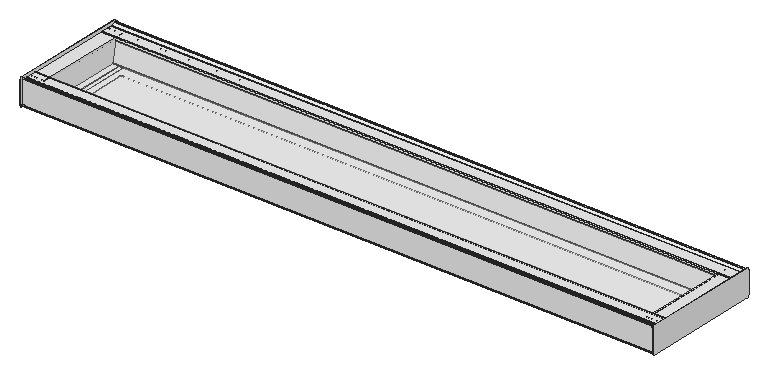
Revit family "ALRM-Intellect", category Lighting Fixtures, host Ceiling, Revit 2019
Family settings
  Host = Ceiling
  Round Connector Dimension = Use Diameter
  Part Type = Normal
  OmniClass Number = 23.80.70.11.14.17
  OmniClass Title = Direct/Indirect
  Always vertical = Yes
  Cut with Voids When Loaded = No
  Light Source = Yes
  Shared = No
  Room Calculation Point = No
Parameters (values of type "ALRM48-LED840K032LUNV-C91V99(LV01)")
  Width = 0' - 9"
  Wattage = 24 W
  built-in parameter 1150110 = 1 (stored number, unit not read)
  Voltage = 120 V
  URL = "https://www.viscor.com/en/products/alrm-intellect"
  built-in parameter 1114217 = 0.9 (stored number, unit not read)
  Tilt Angle = 180.00°  # constant formula
  built-in parameter 1150109 = 1 (stored number, unit not read)
  built-in parameter 1150134 = 12
  built-in parameter 1150113 = 1 (stored number, unit not read)
  Photometric Web File = "ALRM48-LED840K032LUNV-C91V99(LV01).IES"
  Model = "ALRM-Intellect"  # constant formula
  Manufacturer = "VISIONEERING by VISCOR"  # constant formula
  Lumens = 3240 lm
  built-in parameter 1150115 = 1 (stored number, unit not read)
  built-in parameter 1150105 = 257.83 (stored number, unit not read)
  built-in parameter 1150137 = (empty or 0)
  built-in parameter 1150139 = (empty or 0)
  Lens Finish Top = Acrylic - Viscor - Clear
  Lens Finish Bottom = Acrylic - Viscor - Frosted
  Length = 4' - 0"
  Lamp Wattage = 24 VA
  built-in parameter 1150112 = 1 (stored number, unit not read)
  built-in parameter 1150114 = 1 (stored number, unit not read)
  Lamp = "LED"  # constant formula
  built-in parameter 1150132 = (empty or 0)
  built-in parameter 1150102 = (empty or 0)
  built-in parameter 1150138 = (empty or 0)
  built-in parameter 1150107 = 4000 (stored number, unit not read)
  built-in parameter 1150106 = 2.5783 (stored number, unit not read)
  Housing Finish = Metal - Viscor - White
  Emit from Line Length = Length  # 4' - 0"
  built-in parameter 1150104 = 12.542 (stored number, unit not read)
  Dimming Lamp Color Temperature Shift = <None>
  Description = "Intellect Enabled LED ALLURA Linear Pendant Type M"  # constant formula
  Color Filter = 16777215
  built-in parameter 1114218 = 1 (stored number, unit not read)
  built-in parameter 1150133 = 10 (stored number, unit not read)
  Assembly Code = "D5020200"
  Apparent Load = Lamp Wattage  # 24 VA
Types (7): name | Wattage | Photometric Web File | Lumens | built-in parameter 1150105 | Length | Lamp Wattage | built-in parameter 1150106 | Emit from Line Length | built-in parameter 1150104 | Apparent Load
  (no name) | 24 W | "ALRM48-LED840K032LUNV-C91V99(LV01).IES" | 3240 lm | 257.83 (stored number, unit not read) | 4' - 0" | 24 VA | 2.5783 (stored number, unit not read) | 4' - 0" | 12.542 (stored number, unit not read) | 24 VA
  ALRM48-LED840K032LUNV-C91V99(LV01) | 24 W | "ALRM48-LED840K032LUNV-C91V99(LV01).IES" | 3240 lm | 257.83 (stored number, unit not read) | 4' - 0" | 24 VA | 2.5783 (stored number, unit not read) | 4' - 0" | 12.542 (stored number, unit not read) | 24 VA
  ALRM96-LED840K064LUNV-C91V99(LV01) | 43 W | "ALRM96-LED840K064LUNV-C91V99(LV01).ies" | 5848 lm | 465.37 (stored number, unit not read) | 8' - 0" | 43 VA | 4.6537 (stored number, unit not read) | 8' - 0" | 12.635 (stored number, unit not read) | 43 VA
  ALRM48-LED840K052LUNV-C91V99(LV01) | 39 W | "ALRM48-LED840K052LUNV-C91V99(LV01).IES" | 5265 lm | 418.98 (stored number, unit not read) | 4' - 0" | 39 VA | 4.1898 (stored number, unit not read) | 4' - 0" | 12.542 (stored number, unit not read) | 39 VA
  ALRM48-LED840K060LUNV-C91V99(LV01) | 45 W | "ALRM48-LED840K060LUNV-C91V99(LV01).IES" | 6030 lm | 479.85 (stored number, unit not read) | 4' - 0" | 45 VA | 4.7985 (stored number, unit not read) | 4' - 0" | 12.449 (stored number, unit not read) | 45 VA
  ALRM96-LED840K105LUNV-C91V99(LV01) | 77 W | "ALRM96-LED840K105LUNV-C91V99(LV01).ies" | 10395 lm | 827.21 (stored number, unit not read) | 8' - 0" | 77 VA | 8.2721 (stored number, unit not read) | 8' - 0" | 12.542 (stored number, unit not read) | 77 VA
  ALRM96-LED840K120LUNV-C91V99(LV01) | 90 W | "ALRM96-LED840K120LUNV-C91V99(LV01).ies" | 12060 lm | 959.7 (stored number, unit not read) | 8' - 0" | 90 VA | 9.597 (stored number, unit not read) | 8' - 0" | 12.449 (stored number, unit not read) | 90 VA
Reference planes (in)
  plane 1 "Light Source Axis (F/B)": y = 0
  plane 2 "Ceiling": z = 96
  plane 3 "Light Source Axis (L/R)": x = 0
  plane 4 "Light Source Elevation": z = 67.875
  plane 5: x = -24
  plane 6: x = 24
  plane 7: y = 4.5
  plane 8: y = -4.5
  plane 9: x = -23.96875
  plane 10: x = 23.96875
  plane 11: x = -22.85
  plane 12: x = 22.85
  plane 13: x = -22
  plane 14: x = 22
Forms (in)
  Extrusion 1, solid, material "Metal - Viscor - White" <- "Housing Finish"
    sketch origin (0, 0, 0) x (0, 1, 0) y (0, 0, 1)
      loop
        line (4.37, 69.875) -> (-4.37, 69.875)
        arc (-4.37, 69.875) -> (-4.46192, 69.83692) -> (-4.5, 69.745) r 0.13
        line (-4.5, 69.745) -> (-4.5, 68.005)
        arc (-4.5, 68.005) -> (-4.46192, 67.91308) -> (-4.37, 67.875) r 0.13
        line (-4.37, 67.875) -> (4.37, 67.875)
        arc (4.37, 67.875) -> (4.46192, 67.91308) -> (4.5, 68.005) r 0.13
        line (4.5, 68.005) -> (4.5, 69.745)
        arc (4.5, 69.745) -> (4.46192, 69.83692) -> (4.37, 69.875) r 0.13
    from 23.96875 to 24
  Extrusion 2, solid, material "Metal - Viscor - White" <- "Housing Finish"
    sketch origin (0, 0, 0) x (0, 1, 0) y (0, 0, -1)
      loop
        arc (4.37, -69.875) -> (4.46192, -69.83692) -> (4.5, -69.745) r 0.13
        line (4.5, -69.745) -> (4.5, -68.005)
        arc (4.5, -68.005) -> (4.46192, -67.91308) -> (4.37, -67.875) r 0.13
        line (4.37, -67.875) -> (-4.37, -67.875)
        arc (-4.37, -67.875) -> (-4.46192, -67.91308) -> (-4.5, -68.005) r 0.13
        line (-4.5, -68.005) -> (-4.5, -69.745)
        arc (-4.5, -69.745) -> (-4.46192, -69.83692) -> (-4.37, -69.875) r 0.13
        line (-4.37, -69.875) -> (4.37, -69.875)
    from 23.96875 to 24
  Extrusion 3, solid, material "Metal - Viscor - White" <- "Housing Finish"
    sketch origin (0, 0, 0) x (0, 1, 0) y (0, 0, 1)
      loop
        line (4.06954, 69.68042) -> (3.66354, 69.68042) -> (3.66354, 69.64917) -> (4.07647, 69.64917) -> (4.35255, 69.7779)
        arc (4.35255, 69.7779) -> (4.38878, 69.77553) -> (4.40625, 69.74369) r 0.03775
        line (4.40625, 69.74369) -> (4.40625, 68.007)
        arc (4.40625, 68.007) -> (4.39519, 67.98031) -> (4.3685, 67.96925) r 0.03775
        line (4.3685, 67.96925) -> (-4.3685, 67.96925)
        arc (-4.3685, 67.96925) -> (-4.39519, 67.98031) -> (-4.40625, 68.007) r 0.03775
        line (-4.40625, 68.007) -> (-4.40625, 69.74369)
        arc (-4.40625, 69.74369) -> (-4.38878, 69.77553) -> (-4.35255, 69.7779) r 0.03775
        line (-4.35255, 69.7779) -> (-4.07647, 69.64917) -> (-3.66354, 69.64917) -> (-3.66354, 69.68042) -> (-4.06954, 69.68042) -> (-4.33934, 69.80623)
        arc (-4.33934, 69.80623) -> (-4.40557, 69.80189) -> (-4.4375, 69.74369) r 0.069
        line (-4.4375, 69.74369) -> (-4.4375, 68.007)
        arc (-4.4375, 68.007) -> (-4.41729, 67.95821) -> (-4.3685, 67.938) r 0.069
        line (-4.3685, 67.938) -> (4.3685, 67.938)
        arc (4.3685, 67.938) -> (4.41729, 67.95821) -> (4.4375, 68.007) r 0.069
        line (4.4375, 68.007) -> (4.4375, 69.74369)
        arc (4.4375, 69.74369) -> (4.40557, 69.80189) -> (4.33934, 69.80623) r 0.069
        line (4.33934, 69.80623) -> (4.06954, 69.68042)
    from -23.96875 to 23.96875
  Extrusion 4, solid, material "Metal - Viscor - White" <- "Housing Finish"
    sketch origin (0, 0, 0) x (0, 1, 0) y (0, 0, 1)
      loop
        line (3.9735, 69.71042) -> (3.1307, 69.71042) -> (3.08719, 69.67846) -> (2.80911, 68.1014)
        arc (2.80911, 68.1014) -> (2.82421, 68.04506) -> (2.87707, 68.02042) r 0.069
        line (2.87707, 68.02042) -> (3.05759, 68.02042) -> (3.05759, 68.05167) -> (2.87707, 68.05167)
        arc (2.87707, 68.05167) -> (2.84815, 68.06515) -> (2.83989, 68.09597) r 0.03775
        line (2.83989, 68.09597) -> (3.11579, 69.66069) -> (3.14094, 69.67917) -> (3.9735, 69.67917) -> (3.9735, 69.71042)
    from -23.96875 to 23.96875
  Extrusion 5, solid, material "Metal - Viscor - White" <- "Housing Finish"
    sketch origin (0, 0, 0) x (0, -1, 0) y (0, 0, -1)
      loop
        line (3.9735, -69.71042) -> (3.9735, -69.67917) -> (3.14094, -69.67917) -> (3.11579, -69.66069) -> (2.83989, -68.09597)
        arc (2.83989, -68.09597) -> (2.84815, -68.06515) -> (2.87707, -68.05167) r 0.03775
        line (2.87707, -68.05167) -> (3.05759, -68.05167) -> (3.05759, -68.02042) -> (2.87707, -68.02042)
        arc (2.87707, -68.02042) -> (2.82421, -68.04506) -> (2.80911, -68.1014) r 0.069
        line (2.80911, -68.1014) -> (3.08719, -69.67846) -> (3.1307, -69.71042) -> (3.9735, -69.71042)
    from -23.96875 to 23.96875
  Extrusion 6, solid, material "Acrylic - Viscor - Clear" <- "Lens Finish Top"
    sketch origin (0, 0, 0) x (0, 1, 0) y (0, 0, 1)
      loop
        line (3.031, 69.48276) -> (3.031, 69.56276) -> (-3.031, 69.56276) -> (-3.031, 69.48276) -> (3.031, 69.48276)
    from -22.85 to 22.85
  Extrusion 7, solid, material "Acrylic - Viscor - Frosted" <- "Lens Finish Bottom"
    sketch origin (0, 0, 0) x (0, 1, 0) y (0, 0, 1)
      loop
        line (3.14, 68.008) -> (-3.14, 68.008) -> (-3.14, 67.968) -> (3.14, 67.968) -> (3.14, 68.008)
    from -22 to 22
  Extrusion 8, void
    sketch origin (0, 0, 67.875) x (0, -1, 0) y (1, 0, 0)
      loop
        line (2.0625, -21.59375) -> (2.0625, 21.59375) -> (-2.0625, 21.59375) -> (-2.0625, -21.59375) -> (2.0625, -21.59375)
    from -0.04829 to 0.07663
  Extrusion 9, solid, material "Metal - Viscor - White" <- "Housing Finish"
    sketch origin (0, 0, 0) x (1, 0, 0) y (0, 0, 1)
      loop
        line (-23.96875, 69.68042) -> (-23.96875, 69.64917) -> (-22.88125, 69.64917) -> (-22.88125, 67.9874) -> (-22.35, 67.9874) -> (-22.35, 68.01865) -> (-22.85, 68.01865) -> (-22.85, 69.68042) -> (-23.96875, 69.68042)
    from -3.66354 to 3.66354
  Extrusion 10, solid, material "Metal - Viscor - White" <- "Housing Finish"
    sketch origin (0, 0, 0) x (-1, 0, 0) y (0, 0, -1)
      loop
        line (-23.96875, -69.68042) -> (-22.85, -69.68042) -> (-22.85, -68.01865) -> (-22.35, -68.01865) -> (-22.35, -67.9874) -> (-22.88125, -67.9874) -> (-22.88125, -69.64917) -> (-23.96875, -69.64917) -> (-23.96875, -69.68042)
    from -3.66354 to 3.66354
Cuts and joins
  Extrusion 8 cuts Extrusion 3
Dimensions and locks (in)
  equal spacing: host sketch curve, plane 3 "Light Source Axis (L/R)", host sketch curve
  equal spacing: host sketch curve, plane 1 "Light Source Axis (F/B)", host sketch curve
  host sketch curve to host sketch curve = 10' - 0"  (x2)
  equal spacing: plane 5, plane 3 "Light Source Axis (L/R)", plane 6
  "Length": plane 5 to plane 6
  equal spacing: plane 7, plane 1 "Light Source Axis (F/B)", plane 8
  "Width": plane 7 to plane 8
  plane 5 to plane 3 "Light Source Axis (L/R)" = 2' - 0"
  plane 7 to plane 1 "Light Source Axis (F/B)" = 0' - 4 1/2"
  plane 6 to plane 3 "Light Source Axis (L/R)" = 2' - 0"
  locked: plane 9 to plane 5 at 0.03125
  locked: plane 10 to plane 6 at 0.03125
  plane 4 "Light Source Elevation" to host ceiling = 2' - 3 5/8"
  locked: plane 5 to plane 11 at 1.15
  locked: plane 12 to plane 6 at 1.15
  locked: plane 5 to plane 13 at 2
  locked: plane 14 to plane 6 at 2
  aligned and locked: plane 3 "Light Source Axis (L/R)" to imposter light
  aligned and locked: plane 1 "Light Source Axis (F/B)" to imposter light
  aligned and locked: plane 4 "Light Source Elevation" to imposter light
  aligned and locked: plane 6 to Extrusion 1
  aligned and locked: Extrusion 1 to plane 10
  aligned and locked: Extrusion 2 to plane 5
  aligned and locked: plane 9 to Extrusion 2
  aligned and locked: Extrusion 3 to plane 10
  aligned and locked: Extrusion 3 to plane 9
  aligned and locked: Extrusion 4 to plane 9
  aligned and locked: plane 10 to Extrusion 4
  aligned and locked: Extrusion 5 to plane 9
  aligned and locked: plane 10 to Extrusion 5
  aligned and locked: Extrusion 6 to plane 11
  aligned and locked: plane 12 to Extrusion 6
  aligned and locked: Extrusion 7 to plane 13
  aligned and locked: plane 14 to Extrusion 7
  aligned and locked: Extrusion 9 to cut or joined group of Extrusion 3, Extrusion 8  (x2)
Automatic sketch dimensions
  Extrusion 1 sketch curve to plane 8 = 0' - 0"
  plane 4 "Light Source Elevation" to Extrusion 1 sketch curve = 0' - 0"
  Extrusion 1 sketch curve to plane 7 = 0' - 0"
  Extrusion 1 sketch curve to plane 4 "Light Source Elevation" = 0' - 0.13"
  plane 8 to Extrusion 1 sketch curve = 0' - 0.13"
  Extrusion 1 sketch curve to plane 7 = 0' - 0.13"  (x2)
  Extrusion 1 sketch curve to Extrusion 1 sketch curve = 0' - 1.74"
  Extrusion 2 sketch curve to plane 8 = 0' - 0"
  plane 4 "Light Source Elevation" to Extrusion 2 sketch curve = 0' - 0"
  Extrusion 2 sketch curve to plane 7 = 0' - 0"
  Extrusion 2 sketch curve to plane 4 "Light Source Elevation" = 0' - 0.13"
  plane 8 to Extrusion 2 sketch curve = 0' - 0.13"
  Extrusion 2 sketch curve to plane 7 = 0' - 0.13"  (x2)
  Extrusion 2 sketch curve to Extrusion 2 sketch curve = 0' - 1.74"
  Extrusion 3 sketch curve to Extrusion 3 sketch curve = 0' - 0"  (x8)
  plane 8 to Extrusion 3 sketch curve = 0' - 0 1/16"
  Extrusion 3 sketch curve to Extrusion 3 sketch curve = 0' - 0 1/32"  (x3)
  Extrusion 3 sketch curve to Extrusion 3 sketch curve = 0' - 0.03775"  (x3)
  Extrusion 3 sketch curve to Extrusion 3 sketch curve = 0' - 0.01595"  (x2)
  Extrusion 3 sketch curve to Extrusion 3 sketch curve = 0' - 0.01321"  (x2)
  Extrusion 3 sketch curve to Extrusion 3 sketch curve = 0' - 0.27608"
  Extrusion 3 sketch curve to Extrusion 3 sketch curve = 0' - 0.00693"  (x2)
  Extrusion 3 sketch curve to Extrusion 3 sketch curve = 0' - 0.406"  (x2)
  Extrusion 3 sketch curve to plane 7 = 0' - 0.83646"
  Extrusion 3 sketch curve to plane 7 = 0' - 0.16066"
  Extrusion 3 sketch curve to plane 7 = 0' - 0.1315"
  Extrusion 3 sketch curve to plane 4 "Light Source Elevation" = 0' - 0.063"
  Extrusion 3 sketch curve to plane 4 "Light Source Elevation" = 0' - 1.77417"
  Extrusion 3 sketch curve to Extrusion 3 sketch curve = 0' - 1.64217"
  Extrusion 3 sketch curve to Extrusion 3 sketch curve = 0' - 0.06327"  (x2)
  Extrusion 4 sketch curve to Extrusion 4 sketch curve = 0' - 0"  (x2)
  Extrusion 4 sketch curve to plane 4 "Light Source Elevation" = 0' - 0.2264"
  Extrusion 4 sketch curve to plane 7 = 0' - 1.69089"
  Extrusion 4 sketch curve to plane 4 "Light Source Elevation" = 0' - 0.22097"
  Extrusion 4 sketch curve to Extrusion 4 sketch curve = 0' - 0.03078"
  Extrusion 4 sketch curve to Extrusion 4 sketch curve = 0' - 0.03718"
  Extrusion 4 sketch curve to Extrusion 4 sketch curve = 0' - 0.18052"
  Extrusion 4 sketch curve to plane 7 = 0' - 1.41281"
  Extrusion 4 sketch curve to Extrusion 4 sketch curve = 0' - 0.0286"
  Extrusion 4 sketch curve to Extrusion 4 sketch curve = 0' - 0.0149"
  Extrusion 4 sketch curve to Extrusion 4 sketch curve = 0' - 0.02515"
  Extrusion 4 sketch curve to plane 7 = 0' - 0.5265"
  Extrusion 4 sketch curve to Extrusion 4 sketch curve = 0' - 0.00656"
  Extrusion 4 sketch curve to Extrusion 4 sketch curve = 0' - 1.56472"
  Extrusion 4 sketch curve to Extrusion 4 sketch curve = 0' - 0.01777"
  Extrusion 4 sketch curve to Extrusion 4 sketch curve = 0' - 0.01847"
  Extrusion 4 sketch curve to Extrusion 4 sketch curve = 0' - 0 1/32"
  Extrusion 5 sketch curve to Extrusion 5 sketch curve = 0' - 0"  (x2)
  plane 4 "Light Source Elevation" to Extrusion 5 sketch curve = 0' - 0.2264"
  Extrusion 5 sketch curve to plane 8 = 0' - 1.69089"
  plane 4 "Light Source Elevation" to Extrusion 5 sketch curve = 0' - 0.22097"
  Extrusion 5 sketch curve to Extrusion 5 sketch curve = 0' - 0.03078"
  Extrusion 5 sketch curve to Extrusion 5 sketch curve = 0' - 0.03718"
  Extrusion 5 sketch curve to Extrusion 5 sketch curve = 0' - 0.18052"
  Extrusion 5 sketch curve to plane 8 = 0' - 1.41281"
  Extrusion 5 sketch curve to Extrusion 5 sketch curve = 0' - 0.0286"
  Extrusion 5 sketch curve to Extrusion 5 sketch curve = 0' - 0.0149"
  Extrusion 5 sketch curve to Extrusion 5 sketch curve = 0' - 0.02515"
  Extrusion 5 sketch curve to plane 8 = 0' - 0.5265"
  Extrusion 5 sketch curve to Extrusion 5 sketch curve = 0' - 0.00656"
  Extrusion 5 sketch curve to Extrusion 5 sketch curve = 0' - 1.56472"
  Extrusion 5 sketch curve to Extrusion 5 sketch curve = 0' - 0.01777"
  Extrusion 5 sketch curve to Extrusion 5 sketch curve = 0' - 0.01847"
  Extrusion 5 sketch curve to Extrusion 5 sketch curve = 0' - 0 1/32"
  plane 8 to Extrusion 6 sketch curve = 0' - 1.469"
  Extrusion 6 sketch curve to plane 7 = 0' - 1.469"
  Extrusion 6 sketch curve to plane 4 "Light Source Elevation" = 0' - 1.60776"
  Extrusion 6 sketch curve to Extrusion 6 sketch curve = 0' - 0.08"
  Extrusion 7 sketch curve to plane 4 "Light Source Elevation" = 0' - 0.133"
  plane 8 to Extrusion 7 sketch curve = 0' - 1.36"
  Extrusion 7 sketch curve to plane 4 "Light Source Elevation" = 0' - 0.093"
  Extrusion 7 sketch curve to plane 7 = 0' - 1.36"
  plane 13 to Extrusion 8 sketch curve = 0' - 0 13/32"
  Extrusion 8 sketch curve to plane 1 "Light Source Axis (F/B)" = 0' - 2 1/16"
  plane 1 "Light Source Axis (F/B)" to Extrusion 8 sketch curve = 0' - 2 1/16"
  Extrusion 8 sketch curve to plane 14 = 0' - 0 13/32"
  Extrusion 9 sketch curve to plane 9 = 0' - 0"
  Extrusion 9 sketch curve to plane 11 = 0' - 0"
  Extrusion 9 sketch curve to plane 11 = 0' - 0 1/32"
  Extrusion 9 sketch curve to plane 4 "Light Source Elevation" = 0' - 0.1124"
  Extrusion 9 sketch curve to plane 13 = 0' - 0.35"
  Extrusion 9 sketch curve to Extrusion 9 sketch curve = 0' - 0 1/32"  (x2)
  Extrusion 9 sketch curve to Extrusion 9 sketch curve = 0' - 1.63052"
  Extrusion 10 sketch curve to plane 10 = 0' - 0"
  Extrusion 10 sketch curve to plane 12 = 0' - 0"
  Extrusion 10 sketch curve to plane 12 = 0' - 0 1/32"
  plane 4 "Light Source Elevation" to Extrusion 10 sketch curve = 0' - 0.1124"
  Extrusion 10 sketch curve to plane 14 = 0' - 0.35"
  Extrusion 10 sketch curve to Extrusion 10 sketch curve = 0' - 0 1/32"  (x2)
  Extrusion 10 sketch curve to Extrusion 10 sketch curve = 0' - 1.63052"
Connectors (in)
  electrical at (0, 0, 67.875), driven by "Voltage", driven by "Lamp Wattage"
    settings: index 1, voltage 120 V, apparent load 0 VA, apparent load phase1 24 VA, apparent load phase2 0 VA, apparent load phase3 0 VA, power factor 1, load classification "Other", number of poles 1, system type 31, power factor state 1, is connector primary yes, connector utility no, sub classification motor no, connector description ""
